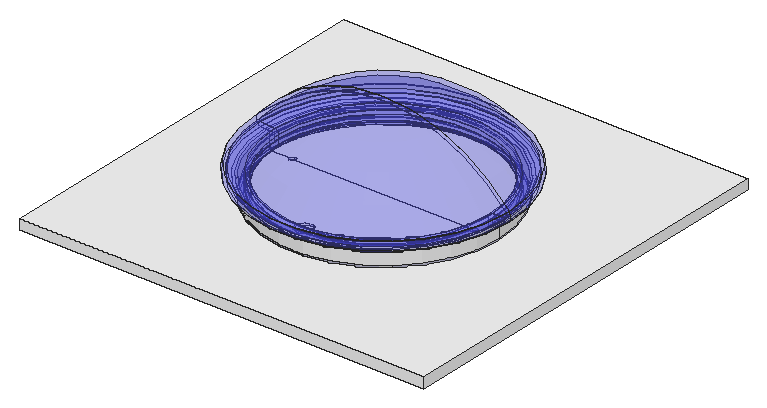
Revit family "BE_12132P_de_DE", category Leuchten, Revit 2020
Family settings
  Basisbauteil = Fläche
  Bemaßung runder Anschluss = Durchmesser verwenden
  Teiletyp = Normal
  Beim Laden mit Abzugskörper schneiden = Ja
  Lichtquelle = Ja
  Gemeinsam genutzt = Nein
  Raumberechnungspunkt = Ja
Parameters (values of type "BEGA_12132P_K3")
  built-in parameter 1150104 = 11.52 (stored number, unit not read)
  Wattage = 8.4 W
  Default Elevation = 0 mm
  built-in parameter 1150113 = 1 (stored number, unit not read)
  built-in parameter 1114218 = 1 (stored number, unit not read)
  Umgebungstemperatur = "25 °C"
  URL = "http://www.bega.de/de/produkt/12132P"
  Typenkommentare = "© 2022 BEGA. Wir behalten uns das Recht vor, technische Änderungen ohne vorherige Ankündigung vorzunehmen."  # constant formula
  built-in parameter 1150134 = (empty or 0)
  built-in parameter 1150109 = 1 (stored number, unit not read)
  Strom = ""
  built-in parameter 1150110 = 1 (stored number, unit not read)
  Spannung = 239.996 V
  Sonderanfertigung = no
  Seriennummer [instance] = "Hier können Sie die eindeutige Seriennummer für das Facility Management eintragen."
  Schutzklasse = "I"
  Schutzart = "IP 20"
  Scheinlast = 0 VA
  Produktdatenblatt = "http://www.bega.de/download/Xrfa/db/12132P.db.de.pdf"
  Oberflächentemperatur = ""
  Neigungswinkel = 0.00°
  Model = "12132PK2"
  Material_17 = BEGA_Reflektor
  Material_15 = BEGA_Leuchtmedium_matt
  Material_14 = BEGA_Kunststoff_opal
  Material_11 = BEGA_Glas_opal
  Material_09 = BEGA_Glas_klar
  Material_06 = BEGA_Oberfläche_Edelstahl_gebürstet
  Material_03 = BEGA_Oberfläche_Weiss_matt
  Material_02 = BEGA_Oberfläche_Silber_matt
  Material_01 [instance] = BEGA_Oberfläche_Grafit_matt
  M_W = no
  M_G = no
  M_A = no
  Logo = 0
  built-in parameter 1114217 = 1 (stored number, unit not read)
  built-in parameter 1150139 = (empty or 0)
  built-in parameter 1150105 = 288.89 (stored number, unit not read)
  built-in parameter 1150114 = 1 (stored number, unit not read)
  Lumens = 1041.6 lm
  built-in parameter 1150115 = 1 (stored number, unit not read)
  Leuchtenlichtstrom = "764 lm"
  Leuchtenanzahl = ""
  Lebensdauerkriterien = "L70B50 @ 25 °C = 338000 h"
  Lastklassifizierung = Beleuchtung
  built-in parameter 1150112 = 1 (stored number, unit not read)
  Lampenlichtstrom = "1045 lm"
  Lamp = "LED 8.4 W"
  LED_Modulbezeichnung = "LED-0508/927"
  Hersteller = "BEGA"  # constant formula
  Halbstreuwinkel = ""
  Gewicht = "2.9 kg"
  Gebrauchslageneinschränkung [instance] = ""
  Frequenz = "50-60 Hz"
  Farbwiedergabeindex = "CRI > 90"
  Farbtemperaturverschiebung bei Dämpfen der Lampe = <Keine Auswahl>
  Farbtemperatur = "2700 K"
  Color Filter = 16777215
  built-in parameter 1150133 = 10 (stored number, unit not read)
  Energieeffizienzklasse = "LED A++ - A"
  built-in parameter 1150137 = (empty or 0)
  built-in parameter 1150132 = (empty or 0)
  ENEC = "ja"
  Dimmbar [instance] = ""
  Photometric Web File = "BE_12132PK2.IES"
  CE_Konformität = "ja"
  Bestellnummer = "12132PK2"
  Beschreibung_Sonderanfertigung = "Hier können Sie Informationen zur Sonderanfertigung eintragen."
  Beschreibung = "Decken- und Wandleuchte"
  built-in parameter 1150106 = 2.8889 (stored number, unit not read)
  Befestigungsbohrung = "Ø 5,5 mm"
  Befestigungsabstand = "180 mm"
  Ballwurfsicher = ""
  BEGA_Intern_aus = yes
  BEGA_Intern_an = yes
  BEGA_Intern_Konstruktion = yes
  BEGA_Intern = yes
  BEGA_IES = yes
  BEGA_Dummy = no
  Anschlussleitung = ""
  Anschlussleistung [instance] = "10.5 W"
  Anschlusskasten = ""
  built-in parameter 1150107 = 2000 (stored number, unit not read)
  built-in parameter 1150102 = (empty or 0)
  built-in parameter 1150138 = (empty or 0)
  Aktualisierung = "2019-10-29T04:00:14"
  Abstand_zur_angestrahlten_Fläche [instance] = ""
  AC/DC = "AC"
Types (2, lengths in mm): name | built-in parameter 1150134 | Model | built-in parameter 1150105 | Leuchtenlichtstrom | Lampenlichtstrom | LED_Modulbezeichnung | Farbtemperatur | Photometric Web File | Bestellnummer | built-in parameter 1150106 | built-in parameter 1150107
  BEGA_12132P_K3 | (empty or 0) | "12132PK3" | 293.5 (stored number, unit not read) | "880 lm" | "1205 lm" | "LED-0508/930" | "3000 K" | "BE_12132PK3.IES" | "12132PK3" | 2.935 (stored number, unit not read) | 3000 (stored number, unit not read)
  BEGA_12132P_K27 | 12 | "12132PK27" | 293.44 (stored number, unit not read) | "851 lm" | "1165 lm" | "LED-0508/927" | "2700 K" | "BE_12132PK27.IES" | "12132PK27" | 2.9344 (stored number, unit not read) | 4000 (stored number, unit not read)
Reference planes
  plane 1 "Mitte (Vorne/Hinten)": y = 0
  plane 2: z = 0
  plane 3 "Mitte (Links/Rechts)": x = 0
  plane 4 "Links": x = -126
  plane 5 "Rechts": x = 126
  plane 6 "Unten": y = -126
  plane 7 "Oben": y = 126
  plane 8 "Vorne": z = 90.4
  plane 9 "Hinten": z = 0
Forms (mm)
  Extrusion 1, solid, material "BEGA_Platte_Weiss"
    sketch origin (0, -1119.2, 0) x (1, 0, 0) y (0, 1, 0)
      loop
        line (-200, 1319.2) -> (-200, 919.2) -> (200, 919.2) -> (200, 1319.2) -> (-200, 1319.2)
    from 0 to -10
  Extrusion 2, solid, material "BEGA_Dummy_matt", visible <- "BEGA_Dummy"
    sketch origin (77.149, -76.023, 0) x (1, 0, 0) y (0, 1, 0)
      loop
        circle (-77.149, 76.023) r 126.009
    from 0 to 90.4
Dimensions and locks
  plane 1 "Mitte (Vorne/Hinten)" to Extrusion 1 = 200 mm
  aligned and locked: plane 2 to Extrusion 1
  aligned and locked: level to Extrusion 1
Nested families
  nested 1: "BE_12132P" at (0, 0, 0) x (0, -1, 0) z (0, 0, 1), type "BE_12132P"
Connectors
  electrical at (0, 0, 0), driven by "Lastklassifizierung", driven by "Spannung", driven by "Scheinlast"
    settings: index 1, voltage 239.996 V, apparent load 0 VA, apparent load phase1 0 VA, apparent load phase2 0 VA, apparent load phase3 0 VA, power factor 1, load classification "Beleuchtung", number of poles 1, system type 31, power factor state 1, is connector primary yes, connector utility no, sub classification motor no, connector description ""
Definition of nested family "BE_12132P"
  Parameters (values of type "BE_12132P")
    Default Elevation = 1 mm
    URL = "http://www.bega.de/de/produkt"
    Type Comments = "© 2015 BEGA. Wir behalten uns das Recht vor, technische Änderungen ohne vorherige Ankündigung vorzunehmen. "  # constant formula
    Type Image = (empty or 0)
    Neigungswinkel_um_Z2 = 0.00°
    Neigungswinkel_um_Z1 = 0.00°
    Neigungswinkel_um_Y2 = 0.00°
    Neigungswinkel_um_Y1 = 0.00°
    Neigungswinkel_um_X2 = 0.00°
    Neigungswinkel_um_X1 = 0.00°
    Material_17 = none
    Material_15 = none
    Material_14 = none
    Material_11 = none
    Material_09 = none
    Material_06 = none
    Material_05 = none
    Material_03 = none
    Material_02 = none
    Material_01 = none
    M_W = yes
    M_G = yes
    M_A = yes
    Länge_Platte = 400 mm  # constant formula
    Höhe_Platte = -10 mm  # constant formula
    Manufacturer = "BEGA"  # constant formula
    Drehwinkel_um_Z2 = 0.00°
    Drehwinkel_um_Z1 = 0.00°
    Breite_Platte = 400 mm  # constant formula
  Reference planes
    plane 1 "Mitte (Oben/Unten)": y = 0
    plane 2: z = 0
    plane 3 "Mitte (Links/Rechts)": x = 0
    plane 4: y = 126
    plane 5: z = 90.4
    plane 6: y = -126
    plane 7: x = -126
    plane 8: x = 126
  Forms (mm)
    Extrusion 1, solid, detail levels medium
      sketch origin (0, 0, 0) x (1, 0, 0) y (0, 1, 0)
        loop
          line (-200, 200) -> (-200, -200) -> (200, -200) -> (200, 200) -> (-200, 200)
      from 0 to -10 <- "Höhe_Platte"
    Revolve 2, solid, material <- "Material_03", detail levels medium+fine
      sketch origin (0, 0, 0) x (0, 1, 0) y (0, 0, 1)
        loop
          line (117.5, 19.8) -> (117.5, 20.8) -> (115.331, 20.8)
          arc (115.331, 20.8) -> (114.063, 20.284) -> (113.524, 19.025) r 1.8
          line (113.524, 19.025) -> (113.276, 4.767)
          arc (113.276, 4.767) -> (112.825, 3.728) -> (111.776, 3.3) r 1.5
          line (111.776, 3.3) -> (0, 3.3) -> (0, 2.3) -> (111.776, 2.3)
          arc (111.776, 2.3) -> (113.525, 3.014) -> (114.275, 4.748) r 2.5
          line (114.275, 4.748) -> (114.524, 19.01)
          arc (114.524, 19.01) -> (114.764, 19.571) -> (115.329, 19.8) r 0.8
          line (115.329, 19.8) -> (117.5, 19.8)
        axis (0, 2.3) -> (0, 20.8)
      angle from 0 to 360
    Revolve 3, solid, material <- "Material_03", detail levels medium+fine
      sketch origin (0, 0, 0) x (0, 1, 0) y (0, 0, 1)
        loop
          arc (99.13, 1.943) -> (99.474, 2.206) -> (99.896, 2.3) r 1
          line (99.896, 2.3) -> (100.896, 3.3) -> (92.75, 3.3) -> (92.75, 0) -> (96.108, 0)
          arc (96.108, 0) -> (97.369, 0.281) -> (98.395, 1.067) r 3
          line (98.395, 1.067) -> (99.13, 1.943)
        axis (90, 3.3) -> (90, 0)
      angle from 0 to 360
    Revolve 4, solid, material <- "Material_03", detail levels medium+fine
      sketch origin (0, 0, 0) x (0, -1, 0) y (0, 0, 1)
        loop
          arc (99.13, 1.943) -> (99.474, 2.206) -> (99.896, 2.3) r 1
          line (99.896, 2.3) -> (100.896, 3.3) -> (92.75, 3.3) -> (92.75, 0) -> (96.108, 0)
          arc (96.108, 0) -> (97.369, 0.281) -> (98.395, 1.067) r 3
          line (98.395, 1.067) -> (99.13, 1.943)
        axis (90, 3.3) -> (90, 0)
      angle from 0 to 360
    Extrusion 5, void
      sketch origin (0, 0, 0) x (1, 0, 0) y (0, 1, 0)
        loop
          circle (80, 15) r 8.5
        loop
          circle (80, -15) r 8.5
      from 1.096 to 7.205
    Revolve 6, solid, material <- "Material_14", detail levels medium+fine
      sketch origin (0, 0, 0) x (0, 1, 0) y (0, 0, 1)
        loop
          line (0, 90.4) -> (0, 86.6)
          arc (0, 86.6) -> (67.014, 71.601) -> (121.239, 29.464) r 157.2
          arc (121.239, 29.464) -> (122.17, 27.288) -> (121.777, 24.953) r 4.2
          line (121.777, 24.953) -> (107.481, 24.204)
          arc (107.481, 24.204) -> (104.795, 22.96) -> (103.7, 20.21) r 4
          line (103.7, 20.21) -> (103.7, 16.4) -> (103.7, 11.174)
          arc (103.7, 11.174) -> (104.099, 9.678) -> (105.19, 8.579) r 3.003
          line (105.19, 8.579) -> (106.963, 7.556)
          arc (106.963, 7.556) -> (108.068, 6.43) -> (108.449, 4.9) r 3.003
          line (108.449, 4.9) -> (112.25, 4.9) -> (112.25, 8.894) -> (107.997, 11.349)
          arc (107.997, 11.349) -> (107.633, 11.715) -> (107.5, 12.214) r 1.001
          line (107.5, 12.214) -> (107.5, 19.451)
          arc (107.5, 19.451) -> (107.774, 20.139) -> (108.445, 20.45) r 1
          line (108.445, 20.45) -> (121.856, 21.152)
          arc (121.856, 21.152) -> (123.904, 21.845) -> (125.293, 23.503) r 4
          arc (125.293, 23.503) -> (125.929, 27.854) -> (124.17, 31.883) r 8
          arc (124.17, 31.883) -> (68.634, 75.038) -> (0, 90.4) r 161
        axis (0, 90.4) -> (0, 4.9)
      angle from 0 to 360
    Extrusion 7, void
      sketch origin (0, 0, 0) x (1, 0, 0) y (0, 1, 0)
        loop
          circle (0, 90) r 2.75
        loop
          circle (0, -90) r 2.75
      from 0 to 9
  Cuts and joins
    Extrusion 5, Extrusion 7 cuts Revolve 2
    Extrusion 5, Extrusion 7 cuts Revolve 3
    Extrusion 5, Extrusion 7 cuts Revolve 4
    joined: Revolve 2, Revolve 3, Revolve 4
  Dimensions and locks
    equal spacing: Extrusion 1 sketch curve, plane 3 "Mitte (Links/Rechts)", Extrusion 1 sketch curve
    equal spacing: Extrusion 1 sketch curve, plane 1 "Mitte (Oben/Unten)", Extrusion 1 sketch curve
    "Länge_Platte": Extrusion 1 sketch curve to Extrusion 1 sketch curve
    "Breite_Platte": Extrusion 1 sketch curve to Extrusion 1 sketch curve
    aligned and locked: plane 2 to Extrusion 1
    aligned and locked: level to Extrusion 1
  Automatic sketch dimensions
    Revolve 2 sketch curve to Revolve 2 sketch curve = 0 mm  (x11)
    Revolve 2 sketch curve to plane 1 "Mitte (Oben/Unten)" = 0 mm  (x2)
    Revolve 2 sketch curve to Revolve 2 sketch curve = 1.5 mm
    Revolve 2 sketch curve to Revolve 2 sketch curve = 1 mm  (x3)
    Revolve 2 sketch curve to Revolve 2 sketch curve = 0.8 mm
    Revolve 2 sketch curve to Revolve 2 sketch curve = 0.004 mm
    Revolve 2 sketch curve to Revolve 2 sketch curve = 0.002 mm
    Revolve 2 sketch curve to Revolve 2 sketch curve = 2.169 mm
    level to Revolve 2 sketch curve = 2.3 mm
    Revolve 2 sketch curve to Revolve 2 sketch curve = 1.448 mm
    Revolve 2 sketch curve to Revolve 2 sketch curve = 0.02 mm
    Revolve 2 sketch curve to Revolve 2 sketch curve = 0.033 mm
    Revolve 2 sketch curve to Revolve 2 sketch curve = 14.252 mm
    Revolve 2 sketch curve to Revolve 2 sketch curve = 0.01 mm
    Revolve 2 sketch curve to Revolve 2 sketch curve = 0.015 mm
    Revolve 2 sketch curve to Revolve 2 sketch curve = 4 mm
    Revolve 3 sketch curve to level = 0 mm
    level to Revolve 3 sketch curve = 3.3 mm
    Revolve 3 sketch curve to Revolve 3 sketch curve = 3.351 mm
    Revolve 3 sketch curve to Revolve 3 sketch curve = 0.007 mm
    level to Revolve 3 sketch curve = 1.067 mm
    Revolve 3 sketch curve to Revolve 3 sketch curve = 2.287 mm
    level to Revolve 3 sketch curve = 2.3 mm
    Revolve 3 sketch curve to Revolve 3 sketch curve = 1.501 mm
    Revolve 3 sketch curve to Revolve 3 sketch curve = 0 mm  (x2)
    Revolve 3 sketch curve to Revolve 3 sketch curve = 1 mm  (x2)
    Revolve 3 sketch curve to Revolve 3 sketch curve = 2.75 mm
    level to Revolve 3 sketch curve = 1.943 mm
    Revolve 3 sketch curve to Revolve 3 sketch curve = 0.766 mm
    Revolve 3 sketch curve to level = 2.001 mm
    Revolve 3 sketch curve to Revolve 3 sketch curve = 2 mm
    Revolve 4 sketch curve to level = 0 mm
    Revolve 4 sketch curve to level = 3.3 mm
    Revolve 4 sketch curve to Revolve 4 sketch curve = 3.351 mm
    Revolve 4 sketch curve to Revolve 4 sketch curve = 0.007 mm
    Revolve 4 sketch curve to level = 1.067 mm
    Revolve 4 sketch curve to Revolve 4 sketch curve = 2.287 mm
    Revolve 4 sketch curve to level = 2.3 mm
    Revolve 4 sketch curve to Revolve 4 sketch curve = 1.501 mm
    Revolve 4 sketch curve to Revolve 4 sketch curve = 0 mm  (x2)
    Revolve 4 sketch curve to Revolve 4 sketch curve = 1 mm  (x2)
    Revolve 4 sketch curve to Revolve 4 sketch curve = 2.75 mm
    Revolve 4 sketch curve to level = 1.943 mm
    Revolve 4 sketch curve to Revolve 4 sketch curve = 0.766 mm
    level to Revolve 4 sketch curve = 2.001 mm
    Revolve 4 sketch curve to Revolve 4 sketch curve = 2 mm
    plane 1 "Mitte (Oben/Unten)" to Extrusion 5 sketch curve = 15 mm
    Extrusion 5 sketch curve to plane 1 "Mitte (Oben/Unten)" = 15 mm
    Extrusion 5 sketch curve to Extrusion 5 sketch curve = 0 mm
    Revolve 6 sketch curve to Revolve 6 sketch curve = 0 mm  (x15)
    plane 1 "Mitte (Oben/Unten)" to Revolve 6 sketch curve = 0 mm
    Revolve 6 sketch curve to plane 1 "Mitte (Oben/Unten)" = 0 mm  (x2)
    Revolve 6 sketch curve to Revolve 6 sketch curve = 1.49 mm
    Revolve 6 sketch curve to Revolve 6 sketch curve = 0.257 mm
    Revolve 6 sketch curve to Revolve 6 sketch curve = 1.513 mm
    level to Revolve 6 sketch curve = 7.556 mm
    Revolve 6 sketch curve to Revolve 6 sketch curve = 1.773 mm
    Revolve 6 sketch curve to Revolve 6 sketch curve = 3.781 mm
    Revolve 6 sketch curve to Revolve 6 sketch curve = 3.8 mm  (x2)
    Revolve 6 sketch curve to Revolve 6 sketch curve = 0.2 mm
    Revolve 6 sketch curve to Revolve 6 sketch curve = 0.497 mm
    Revolve 6 sketch curve to Revolve 6 sketch curve = 0.745 mm
    Revolve 6 sketch curve to Revolve 6 sketch curve = 3.002 mm
    Revolve 6 sketch curve to Revolve 6 sketch curve = 0.055 mm
    Revolve 6 sketch curve to Revolve 6 sketch curve = 0.504 mm
    Revolve 6 sketch curve to Revolve 6 sketch curve = 3.801 mm  (x2)
    Revolve 6 sketch curve to Revolve 6 sketch curve = 0.13 mm
    Revolve 6 sketch curve to Revolve 6 sketch curve = 2.592 mm
    Revolve 6 sketch curve to level = 70.6 mm
    Revolve 6 sketch curve to Revolve 6 sketch curve = 1.024 mm
    Revolve 6 sketch curve to Revolve 6 sketch curve = 3.994 mm
    Revolve 6 sketch curve to Revolve 6 sketch curve = 2.594 mm
    Revolve 6 sketch curve to Revolve 6 sketch curve = 0.176 mm
    Revolve 6 sketch curve to Revolve 6 sketch curve = 0.865 mm
    Revolve 6 sketch curve to Revolve 6 sketch curve = 4.186 mm
    Revolve 6 sketch curve to Revolve 6 sketch curve = 3.051 mm
    Revolve 6 sketch curve to Revolve 6 sketch curve = 0.239 mm
    Revolve 6 sketch curve to Revolve 6 sketch curve = 3.755 mm
    Revolve 6 sketch curve to Revolve 6 sketch curve = 4.504 mm
    Revolve 6 sketch curve to Revolve 6 sketch curve = 0.193 mm
    Revolve 6 sketch curve to Revolve 6 sketch curve = 1.644 mm
    Revolve 6 sketch curve to Revolve 6 sketch curve = 2.931 mm
    Revolve 6 sketch curve to Revolve 6 sketch curve = 3.516 mm
    Revolve 6 sketch curve to Revolve 6 sketch curve = 3.81 mm
    level to Revolve 6 sketch curve = 40.4 mm
    Revolve 2 sketch curve to plane 1 "Mitte (Oben/Unten)" = 111.776 mm
    Revolve 2 sketch curve to Revolve 2 sketch curve = 0.249 mm
    Revolve 3 sketch curve to plane 1 "Mitte (Oben/Unten)" = 92.75 mm
    Revolve 6 sketch curve to plane 1 "Mitte (Oben/Unten)" = 103.7 mm
    Revolve 6 sketch curve to Revolve 6 sketch curve = 10.519 mm
    Revolve 6 sketch curve to Revolve 6 sketch curve = 3.647 mm
    Revolve 6 sketch curve to Revolve 6 sketch curve = 3.239 mm
    Revolve 6 sketch curve to Revolve 6 sketch curve = 0.079 mm
    Revolve 4 sketch curve to plane 1 "Mitte (Oben/Unten)" = 92.75 mm
    Revolve 6 sketch curve to Revolve 6 sketch curve = 46.2 mm
    plane 3 "Mitte (Links/Rechts)" to Extrusion 5 sketch curve = 80 mm
    Extrusion 7 sketch curve to plane 3 "Mitte (Links/Rechts)" = 0 mm  (x2)
    plane 6 to Extrusion 7 sketch curve = 36 mm
    plane 4 to Extrusion 7 sketch curve = 36 mm
    radius of Extrusion 5 sketch curve = 8.5 mm  (x2)
    radius of Extrusion 7 sketch curve = 2.75 mm  (x2)
